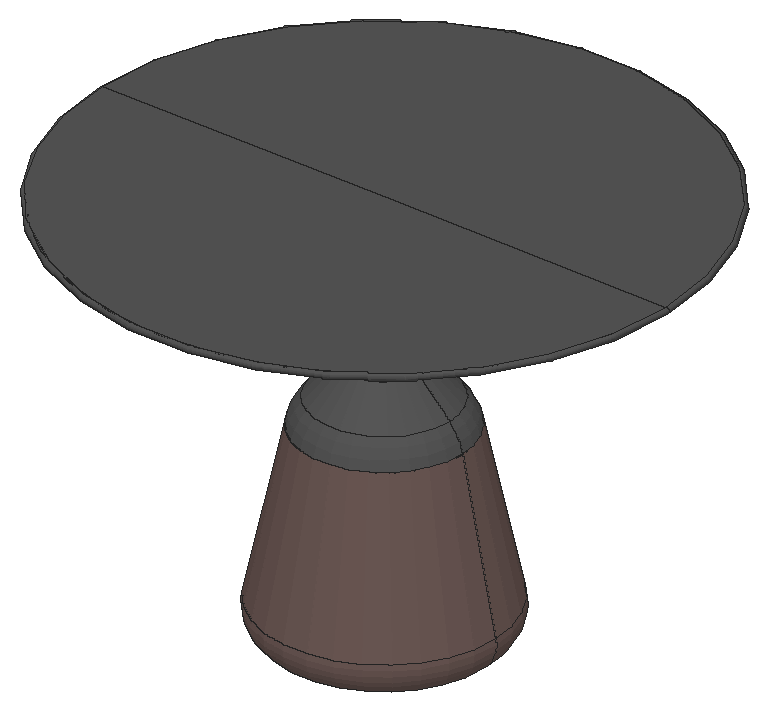
Revit family "revitupgrade", category Furniture, Revit 2025
Family settings
  OmniClass Number = 23.40.70.14.64.11
  OmniClass Title = Office Furniture
  Work Plane-Based = No
  Enable Cutting in Views = No
  Always vertical = Yes
  Cut with Voids When Loaded = No
  Render Appearance Source = Family Geometry
  Shared = No
  Room Calculation Point = No
Parameters (values of type "Side Table - Low")
  Width = Depth  # 580.00 mm
  URL = "https://www.steelcase.com/asia-en/wendelbo/"
  Top Finish = Wendelbo_Laminate_Black
  Style Number(s) = "WBOCOINSIDEL"
  Side Table Low = yes
  Side Table High = no
  Release Date = "October 2021"  # constant formula
  Radius = Depth / 2  # 290.00 mm
  Manufacturer = "Wendelbo"  # constant formula
  Height = 400.00 mm
  Dinning Table = no
  Description = "With a clear reference to its name – Coin, a round and endless loop, the circle is one of the most versatile geometric shapes. The collection includes two elegant side tables in the iconic, sculptural shape."  # constant formula
  Depth = 580.00 mm
  Default Elevation = 0.00 mm
  Copyright = "© 2010 Steelcase Inc."  # constant formula
  Base Finish = Wendelbo_Metal_BlackBurnishBrass
  Assembly Code = "E2020200"
Types (3, lengths in mm): name | Width | Style Number(s) | Side Table Low | Side Table High | Radius | Height | Dinning Table | Depth | Base Finish
  Side Table - High | 450.00 | "WBOCOINSIDEH" | no | yes | 225.00 | 500.00 | no | 450.00 | Wendelbo_Metal_BlackBurnishBrass
  Side Table - Low | 580.00 | "WBOCOINSIDEL" | yes | no | 290.00 | 400.00 | no | 580.00 | Wendelbo_Metal_BlackBurnishBrass
  Dining Table | 1200.00 | "WBOCOIN" | no | no | 600.00 | 750.00 | yes | 1200.00 | Wendelbo_Metal_BlackPowderCoated
Reference planes
  plane 1 "Center (Front/Back)": y = 0
  plane 2 "Bottom": z = 0
  plane 3 "Center (Left/Right)": x = 0
  plane 4 "Top": z = 400
Forms (mm)
  Revolve 1, solid, material "Wendelbo_Metal_BlackBurnishBrass" <- "Base Finish", visible <- "Dinning Table"
    sketch origin (0, 0, 0) x (1, 0, 0) y (0, 0, 1)
      loop
        arc (-212.984, 43.275) -> (-206.496, 13.374) -> (-178.976, 0) r 35
        line (-178.976, 0) -> (0, 0) -> (0, 274) -> (-156.845, 274) -> (-212.984, 43.275)
      axis (0, 0) -> (0, 274)
    angle from 0 to 360
  Revolve 2, solid, material "Wendelbo_Laminate_Black" <- "Top Finish", visible <- "Dinning Table"
    sketch origin (0, 0, 0) x (1, 0, 0) y (0, 0, 1)
      loop
        line (0, 750) -> (-593.853, 750)
        arc (-593.853, 750) -> (-600, 744.896) -> (-596.112, 737.915) r 6.253
        line (-596.112, 737.915) -> (-549.856, 720) -> (-31.345, 720) -> (-31.345, 554.59)
        arc (-31.345, 554.59) -> (-32.023, 530.322) -> (-34.055, 506.129) r 434.541
        arc (-34.055, 506.129) -> (-53.568, 444.343) -> (-95.02, 394.545) r 167.924
        arc (-95.02, 394.545) -> (-128.294, 357.056) -> (-147.864, 310.908) r 155
        line (-147.864, 310.908) -> (-156.845, 274) -> (0, 274) -> (0, 750)
      axis (0, 274) -> (0, 750)
    angle from 0 to 360
  Revolve 3, solid, material "Wendelbo_Metal_BlackBurnishBrass" <- "Base Finish", visible <- "Side Table High"
    sketch origin (0, 0, 0) x (1, 0, 0) y (0, 0, 1)
      loop
        line (0, 0) -> (0, 193) -> (-79.581, 193) -> (-113.491, 36.347)
        arc (-113.491, 36.347) -> (-107.52, 11.164) -> (-84.17, 0) r 30
        line (-84.17, 0) -> (0, 0)
      axis (0, 0) -> (0, 193)
    angle from 0 to 360
  Revolve 4, solid, material "Wendelbo_Laminate_Black" <- "Top Finish", visible <- "Side Table High"
    sketch origin (0, 0, 0) x (1, 0, 0) y (0, 0, 1)
      loop
        arc (-221.76, 500) -> (-225, 497.22) -> (-222.745, 493.595) r 3.278
        arc (-222.745, 493.595) -> (-199.907, 487.888) -> (-176.548, 484.969) r 195.339
        line (-176.548, 484.969) -> (-110, 484.969) -> (-110, 479.969) -> (-15, 479.969) -> (-15, 304.421)
        arc (-15, 304.421) -> (-20.695, 274.778) -> (-36.968, 249.355) r 80
        arc (-36.968, 249.355) -> (-51.652, 233.841) -> (-66.296, 218.289) r 8377.352
        arc (-66.296, 218.289) -> (-74.658, 206.548) -> (-79.58, 193) r 53.462
        line (-79.58, 193) -> (0, 193) -> (0, 500) -> (-221.76, 500)
      axis (0, 193) -> (0, 500)
    angle from 0 to 360
  Revolve 5, solid, material "Wendelbo_Metal_BlackBurnishBrass" <- "Base Finish", visible <- "Side Table Low"
    sketch origin (0, 0, 0) x (1, 0, 0) y (0, 0, 1)
      loop
        line (0, 193) -> (-79.57, 193) -> (-113.491, 36.349)
        arc (-113.491, 36.349) -> (-107.521, 11.165) -> (-84.171, 0) r 30
        line (-84.171, 0) -> (0, 0) -> (0, 193)
      axis (0, 0) -> (0, 193)
    angle from 0 to 360
  Revolve 6, solid, material "Wendelbo_Laminate_Black" <- "Top Finish", visible <- "Side Table Low"
    sketch origin (0, 0, 0) x (1, 0, 0) y (0, 0, 1)
      loop
        arc (-286.929, 400) -> (-289.949, 397.425) -> (-287.885, 394.035) r 3.059
        arc (-287.885, 394.035) -> (-264.358, 387.95) -> (-240.242, 384.961) r 187.387
        line (-240.242, 384.961) -> (-174.992, 384.961) -> (-174.992, 379.961) -> (-15, 379.961) -> (-15, 303.25)
        arc (-15, 303.25) -> (-20.313, 275.237) -> (-35.516, 251.115) r 76.5
        arc (-35.516, 251.115) -> (-50.878, 234.675) -> (-66.297, 218.289) r 6506.993
        arc (-66.297, 218.289) -> (-74.676, 206.557) -> (-79.58, 193) r 52.959
        line (-79.58, 193) -> (0, 193) -> (0, 400) -> (-286.929, 400)
      axis (0, 193) -> (0, 400)
    angle from 0 to 360
Lines and regions (mm)
  Masking region 1
    outline origin (0, 0, 0) x (1, 0, 0) y (0, 1, 0)
      loop
        circle (0, 0) r 290
Dimensions and locks
  "Height": plane 4 "Top" to plane 2 "Bottom"
  "Radius": radius of Masking region 1 sketch curve
  aligned and locked: level to plane 2 "Bottom"
  aligned and locked: Revolve 1 sketch curve to plane 3 "Center (Left/Right)"  (x2)
  aligned and locked: Revolve 1 sketch curve to plane 2 "Bottom"
  aligned and locked: Revolve 2 sketch curve to plane 3 "Center (Left/Right)"  (x2)
  aligned and locked: Revolve 3 sketch curve to plane 2 "Bottom"
  aligned and locked: plane 3 "Center (Left/Right)" to Revolve 3 sketch curve
  aligned and locked: Revolve 4 sketch curve to plane 3 "Center (Left/Right)"  (x2)
  aligned and locked: Revolve 5 sketch curve to plane 3 "Center (Left/Right)"  (x2)
  aligned and locked: Revolve 5 sketch curve to plane 2 "Bottom"
  aligned and locked: Revolve 6 sketch curve to plane 3 "Center (Left/Right)"  (x2)
Automatic sketch dimensions
  Revolve 1 sketch curve to Revolve 1 sketch curve = 35.00 mm
  Revolve 1 sketch curve to level = 66.745 mm
  Revolve 1 sketch curve to Revolve 1 sketch curve = 40.00 mm
  Revolve 2 sketch curve to plane 3 "Center (Left/Right)" = 31.345 mm
  Revolve 2 sketch curve to Revolve 2 sketch curve = 8.98 mm
  plane 3 "Center (Left/Right)" to Revolve 2 sketch curve = 2.741 mm
  Revolve 2 sketch curve to Revolve 2 sketch curve = 0.263 mm
  Revolve 2 sketch curve to Revolve 2 sketch curve = 0.00 mm
  Revolve 2 sketch curve to level = 46.745 mm
  Revolve 2 sketch curve to Revolve 2 sketch curve = 60.00 mm
  Revolve 3 sketch curve to plane 3 "Center (Left/Right)" = 0.00 mm
  Revolve 3 sketch curve to Revolve 3 sketch curve = 79.581 mm
  Revolve 3 sketch curve to Revolve 3 sketch curve = 84.17 mm
  level to Revolve 3 sketch curve = 36.347 mm
  Revolve 3 sketch curve to Revolve 3 sketch curve = 29.321 mm
  Revolve 3 sketch curve to Revolve 3 sketch curve = 156.653 mm
  Revolve 3 sketch curve to level = 45.00 mm
  Revolve 3 sketch curve to Revolve 3 sketch curve = 50.00 mm
  Revolve 4 sketch curve to plane 3 "Center (Left/Right)" = 15.00 mm
  Revolve 4 sketch curve to plane 3 "Center (Left/Right)" = 27.328 mm
  Revolve 4 sketch curve to Revolve 4 sketch curve = 52.251 mm
  Revolve 4 sketch curve to Revolve 4 sketch curve = 80.00 mm
  Revolve 4 sketch curve to Revolve 4 sketch curve = 95.00 mm
  Revolve 4 sketch curve to Revolve 4 sketch curve = 5.00 mm
  Revolve 4 sketch curve to Revolve 4 sketch curve = 111.421 mm
  Revolve 4 sketch curve to Revolve 4 sketch curve = 11.312 mm
  Revolve 4 sketch curve to level = 5517.041 mm
  Revolve 4 sketch curve to Revolve 4 sketch curve = 3.278 mm
  Revolve 4 sketch curve to Revolve 4 sketch curve = 0.00 mm
  Revolve 4 sketch curve to level = 46.745 mm
  Revolve 4 sketch curve to Revolve 4 sketch curve = 60.00 mm
  Revolve 5 sketch curve to Revolve 5 sketch curve = 79.57 mm
  level to Revolve 5 sketch curve = 30.00 mm
  Revolve 5 sketch curve to plane 3 "Center (Left/Right)" = 84.171 mm
  level to Revolve 5 sketch curve = 36.349 mm
  Revolve 5 sketch curve to Revolve 5 sketch curve = 156.651 mm
  Revolve 5 sketch curve to level = 46.745 mm
  Revolve 5 sketch curve to Revolve 5 sketch curve = 60.00 mm
  Revolve 6 sketch curve to plane 3 "Center (Left/Right)" = 15.00 mm
  Revolve 6 sketch curve to plane 3 "Center (Left/Right)" = 27.791 mm
  Revolve 6 sketch curve to Revolve 6 sketch curve = 51.789 mm
  Revolve 6 sketch curve to Revolve 6 sketch curve = 76.50 mm
  Revolve 6 sketch curve to Revolve 6 sketch curve = 76.711 mm
  Revolve 6 sketch curve to Revolve 6 sketch curve = 110.25 mm
  Revolve 6 sketch curve to Revolve 6 sketch curve = 11.069 mm
  Revolve 6 sketch curve to Revolve 6 sketch curve = 5.00 mm
  Revolve 6 sketch curve to Revolve 6 sketch curve = 3.059 mm
  Revolve 6 sketch curve to Revolve 6 sketch curve = 0.00 mm
  Revolve 6 sketch curve to level = 66.745 mm
  Revolve 6 sketch curve to Revolve 6 sketch curve = 40.00 mm
  plane 3 "Center (Left/Right)" to Revolve 4 sketch curve = 6039.931 mm
  Revolve 6 sketch curve to Revolve 6 sketch curve = 46.686 mm
  Revolve 1 sketch curve to Revolve 1 sketch curve = 156.845 mm
  Revolve 1 sketch curve to Revolve 1 sketch curve = 178.976 mm
  level to Revolve 1 sketch curve = 43.275 mm
  Revolve 2 sketch curve to Revolve 2 sketch curve = 169.588 mm
  Revolve 2 sketch curve to Revolve 2 sketch curve = 61.825 mm
  Revolve 4 sketch curve to plane 3 "Center (Left/Right)" = 164.051 mm
  Revolve 4 sketch curve to Revolve 4 sketch curve = 66.548 mm
  Revolve 4 sketch curve to Revolve 4 sketch curve = 45.212 mm
  Revolve 6 sketch curve to Revolve 6 sketch curve = 195.429 mm
  Revolve 6 sketch curve to Revolve 6 sketch curve = 57.631 mm
  Revolve 6 sketch curve to Revolve 6 sketch curve = 65.25 mm
  Revolve 2 sketch curve to Revolve 2 sketch curve = 264.954 mm
  Revolve 2 sketch curve to Revolve 2 sketch curve = 83.97 mm
  Revolve 2 sketch curve to Revolve 2 sketch curve = 43.997 mm
  Revolve 2 sketch curve to Revolve 2 sketch curve = 2.259 mm
  Revolve 6 sketch curve to plane 3 "Center (Left/Right)" = 4797.478 mm
  Revolve 2 sketch curve to Revolve 2 sketch curve = 156.845 mm
  Revolve 2 sketch curve to Revolve 2 sketch curve = 213.949 mm
  Revolve 4 sketch curve to Revolve 4 sketch curve = 11.753 mm
  Revolve 1 sketch curve to Revolve 1 sketch curve = 274.00 mm
  level to Revolve 2 sketch curve = 274.00 mm
  Revolve 2 sketch curve to Revolve 2 sketch curve = 36.908 mm
  level to Revolve 4 sketch curve = 181.688 mm
  Revolve 4 sketch curve to Revolve 4 sketch curve = 175.548 mm
  level to Revolve 6 sketch curve = 181.931 mm
  Revolve 6 sketch curve to Revolve 6 sketch curve = 11.98 mm
  Revolve 2 sketch curve to Revolve 2 sketch curve = 165.41 mm
  Revolve 2 sketch curve to Revolve 2 sketch curve = 17.915 mm
  Revolve 2 sketch curve to Revolve 2 sketch curve = 5.831 mm
  Revolve 4 sketch curve to Revolve 4 sketch curve = 179.907 mm
  Revolve 6 sketch curve to Revolve 6 sketch curve = 172.028 mm
  level to Revolve 6 sketch curve = 4685.602 mm
  plane 1 "Center (Front/Back)" to Masking region 1 sketch curve = 0.00 mm
  Masking region 1 sketch curve to plane 3 "Center (Left/Right)" = 0.00 mm
